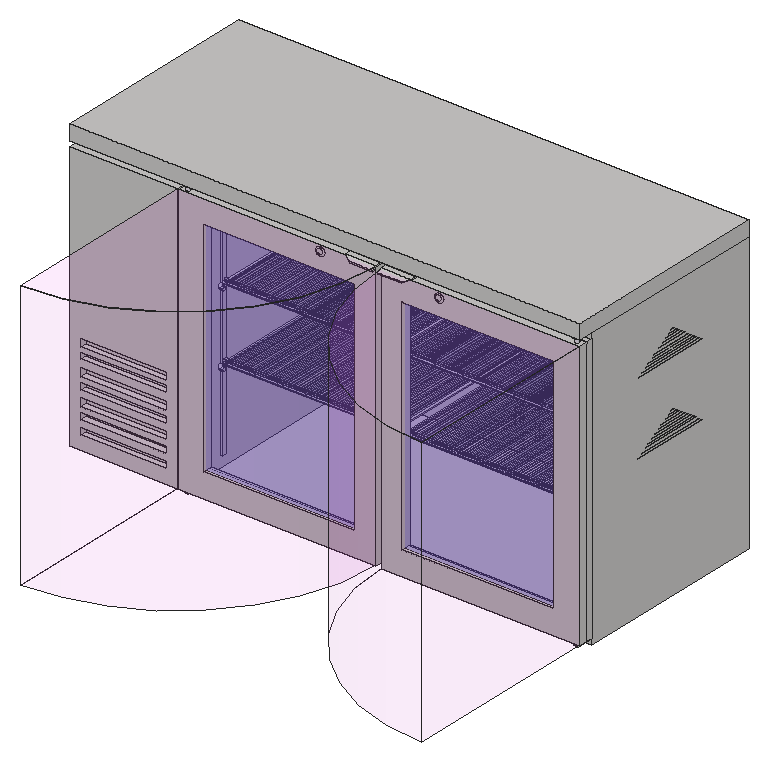
Revit family "QF_True_TBB24-60-2G-Z1-SFT-S-1_Glass_Swing_Door_Back_Bar", category Specialty Equipment, Revit 2021 (continued)
Definition of nested family "Family3"
  Definition of nested family "2 INCHES_CASTER"
    Forms (in)
      Extrusion 4, solid, visible <- "2 Inches Caster"
        from 2.74918 to 2.90825
      Extrusion 5, solid, visible <- "2 Inches Caster"
        sketch origin (1.98481, 1.43296, -1.7541) x (0, 1, 0) y (0, 0, -1)
          loop
            arc (-0.58446, -2.55082) -> (-0.59625, -2.50123) -> (-0.6121, -2.45278) r 0.61695
            arc (-0.6121, -2.45278) -> (-0.94802, -2.21237) -> (-1.29729, -2.43295) r 0.37001
            arc (-1.29729, -2.43295) -> (-1.36136, -2.62044) -> (-1.39241, -2.81612) r 1.15385
            arc (-1.39241, -2.81612) -> (-1.56115, -3.28048) -> (-1.94904, -3.58652) r 0.90292
            line (-1.94904, -3.58652) -> (-2.21294, -3.58652) -> (-2.21294, -3.71792) -> (-0.64294, -3.71792)
            arc (-0.64294, -3.71792) -> (-0.42936, -3.69906) -> (-0.22239, -3.64306) r 1.21859
            line (-0.22239, -3.64306) -> (-0.29048, -3.52526)
            arc (-0.29048, -3.52526) -> (-0.07255, -3.40259) -> (0.12713, -3.252) r 1.8753
            line (0.12713, -3.252) -> (0.05609, -3.15367)
            arc (0.05609, -3.15367) -> (-0.36134, -2.95548) -> (-0.58446, -2.55082) r 0.75313
        from 2.74918 to 2.90825
    Cuts and joins
      joined: Revolve 1, Extrusion 4, Extrusion 5
    Lines and regions (in)
      symbolic lines, visible <- "2 Inches Caster"
        curve 1: line (0.10651, 1.59133, 0) -> (0.80944, 1.1855, 0)
        curve 2: line (-0.89349, -0.14072, 0) -> (0.10651, 1.59133, 0)
        curve 3: line (-0.19056, -0.54656, 0) -> (-0.89349, -0.14072, 0)
        curve 4: line (0.80944, 1.1855, 0) -> (-0.19056, -0.54656, 0)
    Dimensions and locks (in)
      plane 4 "TOP" to level = 2"  (x2)
      aligned and locked: level to plane 1
  Definition of nested family "3 INCHES 01_CASTER"
    Parameters (values of type "3 INCHES 01_CASTER")
      Weight = ""
      URL Manufacturer = ""
      URL Cutsheet = ""
      URL = ""
      Type Mark [instance] = ""
      Specification by User [instance] = ""
      Specification by Manufacturer = ""
      Serial Number = ""
      Seismic Rating = ""
      SMACNA No = ""
      Revision Code [instance] = ""
      Omniclass Number and Title = ""
      NAFEM Spec ID Number = ""
      Model = ""
      MasterSpec. = ""
      Manufacturer = ""
      Item Number [instance] = ""
      Installed By [instance] = ""
      Identify Quantity as Lot [instance] = yes
      Furnished By [instance] = ""
      Foodservice Equipment Identifier [instance] = yes
      Description = ""
      Default Elevation = 0"
      CSI MasterFormat = ""
      CSI Master Format = ""
      Assembly Code = ""
      3 Inches Caster [instance] = yes
    Reference planes (in)
      plane 1: z = 0
      plane 2 "RIGHT": x = 0
      plane 3 "FRONT": y = 0
      plane 4 "TOP": z = 3
    Forms (in)
      Revolve 1, solid, visible <- "3 Inches Caster"
        sketch origin (-1.93794, 0.56004, -1.0041) x (1, 0, 0) y (0, 0, 1)
          loop
            line (0.74055, 2.11347) -> (0.74055, 2.03797) -> (0.79055, 1.98797) -> (0.85055, 1.98797) -> (0.85055, 1.8679) -> (1.235, 1.8679) -> (1.235, 1.7068) -> (1.36441, 1.63209) -> (1.4003, 1.41035) -> (1.34375, 1.41035) -> (1.34375, 1.28535) -> (1.375, 1.28535) -> (1.375, 1.0041) -> (2.48438, 1.0041) -> (2.48438, 1.28535) -> (2.51563, 1.28535) -> (2.51563, 1.41035) -> (2.45908, 1.41035) -> (2.49553, 1.6356) -> (2.62438, 1.70999) -> (2.62438, 1.8679) -> (3.04007, 1.8679) -> (3.04007, 1.98797) -> (3.10007, 1.98797) -> (3.15007, 2.03797) -> (3.15007, 2.11347) -> (0.74055, 2.11347)
          axis (0.74055, 2.11347) -> (3.15007, 2.11347)
        angle from 0 to 360
      Extrusion 2, solid, visible <- "3 Inches Caster"
        sketch origin (-1.93794, 1.35294, -3.2541) x (0, 1, 0) y (0, 0, 1)
          loop
            line (-0.41094, 5.86793) -> (-0.41094, 6.01276) -> (-2.29494, 6.01276) -> (-2.29494, 5.71244) -> (-1.82301, 5.71244)
            arc (-1.82301, 5.71244) -> (-1.00307, 5.59865) -> (-0.19592, 5.41488) r 9.6332
            arc (-0.19592, 5.41488) -> (0.12646, 5.29481) -> (0.42224, 5.11916) r 1.92059
            line (0.42224, 5.11916) -> (0.51314, 5.245)
            arc (0.51314, 5.245) -> (0.27353, 5.42569) -> (0.01201, 5.5729) r 2.25036
            line (0.01201, 5.5729) -> (0.09371, 5.71426)
            arc (0.09371, 5.71426) -> (-0.15272, 5.81043) -> (-0.41094, 5.86793) r 1.73151
        from 1.17357 to 2.70231
      Revolve 3, solid, visible <- "3 Inches Caster"
        sketch origin (0, 1.73858, -3.25) x (0, 1, 0) y (0, 0, 1)
          loop
            line (-1.73858, 6.25) -> (-1.73858, 6.00866) -> (-0.93293, 6.00866) -> (-0.93293, 6.25) -> (-1.73858, 6.25)
          axis (-1.73858, 6.00866) -> (-1.73858, 6.25)
        angle from 0 to 360
      Extrusion 4, solid, visible <- "3 Inches Caster"
        sketch origin (-1.98481, 1.35294, -1.7541) x (0, 1, 0) y (0, 0, 1)
          loop
            line (-2.29494, 4.51276) -> (-2.29494, 4.21244) -> (-2.2074, 4.21244)
            arc (-2.2074, 4.21244) -> (-1.58796, 3.87196) -> (-1.3103, 3.22193) r 1.0835
            arc (-1.3103, 3.22193) -> (-1.27304, 2.98711) -> (-1.19616, 2.76214) r 1.38462
            arc (-1.19616, 2.76214) -> (-0.77704, 2.49744) -> (-0.37393, 2.78593) r 0.44401
            arc (-0.37393, 2.78593) -> (-0.35491, 2.84407) -> (-0.34077, 2.90358) r 0.74034
            arc (-0.34077, 2.90358) -> (-0.07302, 3.38916) -> (0.4279, 3.62699) r 0.90376
            line (0.4279, 3.62699) -> (0.51314, 3.745)
            arc (0.51314, 3.745) -> (0.27353, 3.92569) -> (0.01201, 4.0729) r 2.25036
            line (0.01201, 4.0729) -> (0.09371, 4.21426)
            arc (0.09371, 4.21426) -> (-0.15272, 4.31043) -> (-0.41094, 4.36793) r 1.73151
            line (-0.41094, 4.36793) -> (-0.41094, 4.51276) -> (-2.29494, 4.51276)
        from 2.74918 to 2.90825
      Extrusion 5, solid, visible <- "3 Inches Caster"
        sketch origin (1.98481, 1.35294, -1.7541) x (0, 1, 0) y (0, 0, -1)
          loop
            line (-2.29494, -4.51276) -> (-0.41094, -4.51276) -> (-0.41094, -4.36793)
            arc (-0.41094, -4.36793) -> (-0.15272, -4.31043) -> (0.09371, -4.21426) r 1.73151
            line (0.09371, -4.21426) -> (0.01201, -4.0729)
            arc (0.01201, -4.0729) -> (0.27353, -3.92569) -> (0.51314, -3.745) r 2.25036
            line (0.51314, -3.745) -> (0.4279, -3.62699)
            arc (0.4279, -3.62699) -> (-0.07302, -3.38916) -> (-0.34077, -2.90358) r 0.90376
            arc (-0.34077, -2.90358) -> (-0.35491, -2.84407) -> (-0.37393, -2.78593) r 0.74034
            arc (-0.37393, -2.78593) -> (-0.77704, -2.49744) -> (-1.19616, -2.76214) r 0.44401
            arc (-1.19616, -2.76214) -> (-1.27304, -2.98711) -> (-1.3103, -3.22193) r 1.38462
            arc (-1.3103, -3.22193) -> (-1.58796, -3.87196) -> (-2.2074, -4.21244) r 1.0835
            line (-2.2074, -4.21244) -> (-2.29494, -4.21244) -> (-2.29494, -4.51276)
        from 2.74918 to 2.90825
    Cuts and joins
      joined: Extrusion 2, Extrusion 4, Extrusion 5
    Lines and regions (in)
      symbolic lines, visible <- "3 Inches Caster"
        curve 1: line (0.1877, 1.65194, 0) -> (0.89063, 1.2461, 0)
        curve 2: line (-1.00175, -0.40823, 0) -> (0.1877, 1.65194, 0)
        curve 3: line (-0.29881, -0.81407, 0) -> (-1.00175, -0.40823, 0)
        curve 4: line (0.89063, 1.2461, 0) -> (-0.29881, -0.81407, 0)
    Dimensions and locks (in)
      plane 4 "TOP" to level = 3"  (x2)
      aligned and locked: level to plane 1
  Definition of nested family "4 INCHES_CASTER"
    Parameters (values of type "4 INCHES_CASTER")
      Weight = ""
      URL Manufacturer = ""
      URL Cutsheet = ""
      URL = ""
      Type Mark [instance] = ""
      Specification by User [instance] = ""
      Specification by Manufacturer = ""
      Show 4 Inches Casters [instance] = yes
      Serial Number = ""
      Seismic Rating = ""
      SMACNA No = ""
      Revision Code [instance] = ""
      Omniclass Number and Title = ""
      NAFEM Spec ID Number = ""
      Model = ""
      MasterSpec. = ""
      Manufacturer = ""
      Item Number [instance] = ""
      Installed By [instance] = ""
      Identify Quantity as Lot [instance] = yes
      Furnished By [instance] = ""
      Foodservice Equipment Identifier [instance] = yes
      Description = ""
      Default Elevation = 0"
      CSI MasterFormat = ""
      CSI Master Format = ""
      Assembly Code = ""
    Reference planes (in)
      plane 1: z = 0
      plane 2 "RIGHT": x = 0
      plane 3 "FRONT": y = 0
      plane 4 "TOP": z = 4
    Forms (in)
      Revolve 1, solid, visible <- "Show 4 Inches Casters"
        sketch origin (-1.93794, 0.83816, -1.0041) x (1, 0, 0) y (0, 0, 1)
          loop
            line (0.74055, 2.5041) -> (3.15007, 2.5041) -> (3.15007, 2.5796) -> (3.10007, 2.6296) -> (3.04007, 2.6296) -> (3.04007, 2.74967) -> (2.62438, 2.74967) -> (2.62438, 2.93884) -> (2.48438, 3.01967) -> (2.45908, 3.17597) -> (2.51563, 3.17597) -> (2.51563, 3.41035) -> (2.48438, 3.41035) -> (2.48438, 4.0041) -> (1.375, 4.0041) -> (1.375, 3.41035) -> (1.34375, 3.41035) -> (1.34375, 3.17597) -> (1.4003, 3.17597) -> (1.37557, 3.02318) -> (1.235, 2.94202) -> (1.235, 2.74967) -> (0.85055, 2.74967) -> (0.85055, 2.6296) -> (0.79055, 2.6296) -> (0.74055, 2.5796) -> (0.74055, 2.5041)
          axis (0.74055, 2.5041) -> (3.15007, 2.5041)
        angle from 0 to 360
      Extrusion 2, solid, visible <- "Show 4 Inches Casters"
        sketch origin (-1.93794, 1.80294, -1.7541) x (0, 1, 0) y (0, 0, 1)
          loop
            line (-3.08794, 5.33423) -> (-3.08794, 5.00584) -> (-2.69466, 5.00584)
            arc (-2.69466, 5.00584) -> (-1.57175, 4.94895) -> (-0.46376, 4.75787) r 9.36411
            arc (-0.46376, 4.75787) -> (-0.05889, 4.58436) -> (0.28335, 4.30705) r 1.60049
            line (0.28335, 4.30705) -> (0.34449, 4.39437)
            arc (0.34449, 4.39437) -> (0.12713, 4.6163) -> (-0.1239, 4.79931) r 1.8753
            line (-0.1239, 4.79931) -> (-0.05749, 4.91421)
            arc (-0.05749, 4.91421) -> (-0.33807, 5.05694) -> (-0.64294, 5.13542) r 1.44292
            line (-0.64294, 5.13542) -> (-0.64294, 5.33423) -> (-3.08794, 5.33423)
        from 1.1267 to 2.74918
      Revolve 3, solid, visible <- "Show 4 Inches Casters"
        sketch origin (0, 2.15543, -2.25) x (0, 1, 0) y (0, 0, 1)
          loop
            line (-2.21793, 6.25) -> (-2.21793, 5.83014) -> (-1.05793, 5.83014) -> (-1.05793, 6.25) -> (-2.21793, 6.25)
          axis (-2.21793, 5.83014) -> (-2.21793, 6.25)
        angle from 0 to 360
      Extrusion 4, solid, visible <- "Show 4 Inches Casters"
        sketch origin (-1.93794, 1.80294, -1.7541) x (0, 1, 0) y (0, 0, 1)
          loop
            line (-3.08794, 5.33423) -> (-3.08794, 5.00584) -> (-2.8913, 5.00584)
            arc (-2.8913, 5.00584) -> (-2.09118, 4.14057) -> (-1.45681, 3.14736) r 6.63355
            arc (-1.45681, 3.14736) -> (-0.85703, 2.75969) -> (-0.4561, 3.35069) r 0.5107
            arc (-0.4561, 3.35069) -> (-0.27092, 3.92503) -> (0.24034, 4.24562) r 0.88136
            line (0.24034, 4.24562) -> (0.34449, 4.39437)
            arc (0.34449, 4.39437) -> (0.12713, 4.6163) -> (-0.1239, 4.79931) r 1.8753
            line (-0.1239, 4.79931) -> (-0.05749, 4.91421)
            arc (-0.05749, 4.91421) -> (-0.33807, 5.05694) -> (-0.64294, 5.13542) r 1.44292
            line (-0.64294, 5.13542) -> (-0.64294, 5.33423) -> (-3.08794, 5.33423)
        from 2.74918 to 2.90825
      Extrusion 5, solid, visible <- "Show 4 Inches Casters"
        sketch origin (1.93794, 1.80294, -1.7541) x (0, 1, 0) y (0, 0, -1)
          loop
            line (-3.08794, -5.33423) -> (-0.64294, -5.33423) -> (-0.64294, -5.13542)
            arc (-0.64294, -5.13542) -> (-0.33807, -5.05694) -> (-0.05749, -4.91421) r 1.44292
            line (-0.05749, -4.91421) -> (-0.1239, -4.79931)
            arc (-0.1239, -4.79931) -> (0.12713, -4.6163) -> (0.34449, -4.39437) r 1.8753
            line (0.34449, -4.39437) -> (0.24034, -4.24562)
            arc (0.24034, -4.24562) -> (-0.27092, -3.92503) -> (-0.4561, -3.35069) r 0.88136
            arc (-0.4561, -3.35069) -> (-0.85703, -2.75969) -> (-1.45681, -3.14736) r 0.5107
            arc (-1.45681, -3.14736) -> (-2.09118, -4.14057) -> (-2.8913, -5.00584) r 6.63355
            line (-2.8913, -5.00584) -> (-3.08794, -5.00584) -> (-3.08794, -5.33423)
        from 2.74918 to 2.90825
    Cuts and joins
      joined: Extrusion 2, Extrusion 4, Extrusion 5
    Lines and regions (in)
      symbolic lines, visible <- "Show 4 Inches Casters"
        curve 1: line (0.28481, 1.83041, 0) -> (1.24556, 1.27572, 0)
        curve 2: line (-1.26206, -0.84886, 0) -> (0.28481, 1.83041, 0)
        curve 3: line (-0.30132, -1.40355, 0) -> (-1.26206, -0.84886, 0)
        curve 4: line (1.24556, 1.27572, 0) -> (-0.30132, -1.40355, 0)
    Dimensions and locks (in)
      plane 4 "TOP" to level = 4"  (x2)
      aligned and locked: level to plane 1
  Definition of nested family "5 INCHES 01_CASTER 2"
    Parameters (values of type "5 INCHES 01_CASTER 2")
      Weight = ""
      URL Manufacturer = ""
      URL Cutsheet = ""
      URL = ""
      Type Mark [instance] = ""
      Specification by User [instance] = ""
      Specification by Manufacturer = ""
      Show 5" Casters [instance] = yes
      Serial Number = ""
      Seismic Rating = ""
      SMACNA No = ""
      Revision Code [instance] = ""
      Omniclass Number and Title = ""
      NAFEM Spec ID Number = ""
      Model = ""
      MasterSpec. = ""
      Manufacturer = ""
      Key Locks [instance] = yes
      Item Number [instance] = ""
      Installed By [instance] = ""
      Identify Quantity as Lot [instance] = yes
      Furnished By [instance] = ""
      Foodservice Equipment Identifier [instance] = yes
      Description = ""
      Default Elevation = 0"
      CSI MasterFormat = ""
      CSI Master Format = ""
      Assembly Code = ""
    Reference planes (in)
      plane 1: z = 0
      plane 2 "RIGHT": x = 0
      plane 3 "FRONT": y = 0
      plane 4 "TOP": z = 5
    Forms (in)
      Revolve 1, solid, visible <- "Show 5" Casters"
        sketch origin (-1.93794, 0.99859, -1.0041) x (1, 0, 0) y (0, 0, 1)
          loop
            line (0.74055, 3.0041) -> (0.74055, 2.9286) -> (0.79055, 2.8786) -> (0.85055, 2.8786) -> (0.85055, 2.75852) -> (1.235, 2.75852) -> (1.235, 2.56618) -> (1.37557, 2.48502) -> (1.49133, 1.76972) -> (1.34375, 1.76972) -> (1.34375, 1.53535) -> (1.375, 1.53535) -> (1.375, 1.0041) -> (2.48438, 1.0041) -> (2.48438, 1.53535) -> (2.51563, 1.53535) -> (2.51563, 1.76972) -> (2.36805, 1.76972) -> (2.48438, 2.48853) -> (2.62438, 2.56936) -> (2.62438, 2.75852) -> (3.04007, 2.75852) -> (3.04007, 2.8786) -> (3.10007, 2.8786) -> (3.15007, 2.9286) -> (3.15007, 3.0041) -> (0.74055, 3.0041)
          axis (0.74055, 3.0041) -> (3.15007, 3.0041)
        angle from 0 to 360
      Extrusion 2, solid, visible <- "Show 5" Casters"
        sketch origin (-1.93794, 1.96337, -0.7541) x (0, 1, 0) y (0, 0, 1)
          loop
            line (-3.37739, 5.33423) -> (-3.37739, 4.92712) -> (-2.49294, 4.92712)
            arc (-2.49294, 4.92712) -> (-1.47209, 4.91752) -> (-0.46376, 4.75787) r 6.92153
            arc (-0.46376, 4.75787) -> (0.14199, 4.53396) -> (0.67481, 4.16904) r 2.62713
            line (0.67481, 4.16904) -> (0.7876, 4.33012)
            arc (0.7876, 4.33012) -> (0.48098, 4.5674) -> (0.13288, 4.73811) r 1.91675
            line (0.13288, 4.73811) -> (0.21197, 4.87494)
            arc (0.21197, 4.87494) -> (-0.1576, 5.02102) -> (-0.54934, 5.08775) r 1.91675
            line (-0.54934, 5.08775) -> (-0.54934, 5.33423) -> (-3.37739, 5.33423)
        from 1.17357 to 2.70231
      Revolve 3, solid, visible <- "Show 5" Casters"
        sketch origin (0, 2.15543, -1.25) x (0, 1, 0) y (0, 0, 1)
          loop
            line (-2.21793, 6.25) -> (-2.21793, 5.83014) -> (-1.05793, 5.83014) -> (-1.05793, 6.25) -> (-2.21793, 6.25)
          axis (-2.21793, 5.83014) -> (-2.21793, 6.25)
        angle from 0 to 360
      Extrusion 4, solid, visible <- "Show 5" Casters"
        sketch origin (-1.98481, 1.96337, -0.7541) x (0, 1, 0) y (0, 0, 1)
          loop
            line (-3.37739, 5.33423) -> (-3.37739, 4.92712) -> (-3.13361, 4.92712)
            arc (-3.13361, 4.92712) -> (-2.12623, 3.92533) -> (-1.55834, 2.62307) r 3.79122
            arc (-1.55834, 2.62307) -> (-0.81477, 2.14247) -> (-0.31772, 2.87515) r 0.63314
            arc (-0.31772, 2.87515) -> (-0.02244, 3.67728) -> (0.68637, 4.15498) r 1.39003
            line (0.68637, 4.15498) -> (0.7876, 4.33012)
            arc (0.7876, 4.33012) -> (0.48098, 4.5674) -> (0.13288, 4.73811) r 1.91675
            line (0.13288, 4.73811) -> (0.21197, 4.87494)
            arc (0.21197, 4.87494) -> (-0.1576, 5.02102) -> (-0.54934, 5.08775) r 1.91675
            line (-0.54934, 5.08775) -> (-0.54934, 5.33423) -> (-3.37739, 5.33423)
        from 2.74918 to 2.90825
      Extrusion 5, solid, visible <- "Show 5" Casters"
        sketch origin (1.98481, 1.96337, -0.7541) x (0, 1, 0) y (0, 0, -1)
          loop
            line (-3.37739, -5.33423) -> (-0.54934, -5.33423) -> (-0.54934, -5.08775)
            arc (-0.54934, -5.08775) -> (-0.1576, -5.02102) -> (0.21197, -4.87494) r 1.91675
            line (0.21197, -4.87494) -> (0.13288, -4.73811)
            arc (0.13288, -4.73811) -> (0.48098, -4.5674) -> (0.7876, -4.33012) r 1.91675
            line (0.7876, -4.33012) -> (0.68637, -4.15498)
            arc (0.68637, -4.15498) -> (-0.02244, -3.67728) -> (-0.31772, -2.87515) r 1.39003
            arc (-0.31772, -2.87515) -> (-0.81477, -2.14247) -> (-1.55834, -2.62307) r 0.63314
            arc (-1.55834, -2.62307) -> (-2.12623, -3.92533) -> (-3.13361, -4.92712) r 3.79122
            line (-3.13361, -4.92712) -> (-3.37739, -4.92712) -> (-3.37739, -5.33423)
        from 2.74918 to 2.90825
      Extrusion 6, solid, visible <- "Key Locks"
        sketch origin (-0.96875, 2.04726, -0.57589) x (0, 1, 0) y (0, 0, -1)
          loop
            line (-2.58496, -2.03961) -> (-1.89213, -2.43961) -> (-1.53273, -2.64711)
            arc (-1.53273, -2.64711) -> (-1.45411, -2.76529) -> (-1.38688, -2.89031) r 1.51617
            arc (-1.38688, -2.89031) -> (-1.13602, -3.13035) -> (-0.79652, -3.20306) r 0.63657
            arc (-0.79652, -3.20306) -> (-0.67098, -3.20163) -> (-0.54633, -3.21661) r 0.9589
            line (-0.54633, -3.21661) -> (0.23309, -3.66661) -> (0.42979, -3.32592)
            arc (0.42979, -3.32592) -> (0.46473, -3.10362) -> (0.3415, -2.91533) r 0.313
            line (0.3415, -2.91533) -> (0.21087, -3.04595)
            arc (0.21087, -3.04595) -> (0.24081, -3.14321) -> (0.14284, -3.17074) r 0.07109
            line (0.14284, -3.17074) -> (-0.52795, -2.78336)
            arc (-0.52795, -2.78336) -> (-0.62217, -2.51108) -> (-0.36609, -2.37904) r 0.22
            arc (-0.36609, -2.37904) -> (-0.3435, -2.357) -> (-0.33862, -2.32583) r 0.05
            arc (-0.33862, -2.32583) -> (-0.50047, -2.10967) -> (-0.75504, -2.01961) r 0.46592
            line (-0.75504, -2.01961) -> (-1.49574, -2.01961)
            arc (-1.49574, -2.01961) -> (-1.57675, -2.00894) -> (-1.65224, -1.97767) r 0.313
            line (-1.65224, -1.97767) -> (-2.05389, -1.74578)
            arc (-2.05389, -1.74578) -> (-2.2914, -1.71451) -> (-2.48146, -1.86034) r 0.313
            line (-2.48146, -1.86034) -> (-2.58496, -2.03961)
        from 0 to 0.0625
      Extrusion 7, solid, visible <- "Key Locks"
        sketch origin (-0.96875, 2.04726, -0.57589) x (0, 1, 0) y (0, 0, -1)
          loop
            line (-0.45692, -2.6604) -> (0.47061, -3.19578)
            arc (0.47061, -3.19578) -> (0.44304, -3.03852) -> (0.3415, -2.91533) r 0.313
            line (0.3415, -2.91533) -> (-0.36656, -2.53415)
            arc (-0.36656, -2.53415) -> (-0.48136, -2.54745) -> (-0.45692, -2.6604) r 0.078
        from 0 to 0.5
      Extrusion 8, solid, visible <- "Key Locks"
        sketch origin (0.96875, 2.04726, -0.57589) x (0, 1, 0) y (0, 0, 1)
          loop
            line (-2.58496, 2.03961) -> (-2.48146, 1.86034)
            arc (-2.48146, 1.86034) -> (-2.2914, 1.71451) -> (-2.05389, 1.74578) r 0.313
            line (-2.05389, 1.74578) -> (-1.65224, 1.97767)
            arc (-1.65224, 1.97767) -> (-1.57675, 2.00894) -> (-1.49574, 2.01961) r 0.313
            line (-1.49574, 2.01961) -> (-0.75504, 2.01961)
            arc (-0.75504, 2.01961) -> (-0.50047, 2.10967) -> (-0.33862, 2.32583) r 0.46592
            arc (-0.33862, 2.32583) -> (-0.3435, 2.357) -> (-0.36609, 2.37904) r 0.05
            arc (-0.36609, 2.37904) -> (-0.62217, 2.51108) -> (-0.52795, 2.78336) r 0.22
            line (-0.52795, 2.78336) -> (0.14284, 3.17074)
            arc (0.14284, 3.17074) -> (0.24081, 3.14321) -> (0.21087, 3.04595) r 0.07109
            line (0.21087, 3.04595) -> (0.3415, 2.91533)
            arc (0.3415, 2.91533) -> (0.46473, 3.10362) -> (0.42979, 3.32592) r 0.313
            line (0.42979, 3.32592) -> (0.23309, 3.66661) -> (-0.54633, 3.21661)
            arc (-0.54633, 3.21661) -> (-0.67098, 3.20163) -> (-0.79652, 3.20306) r 0.9589
            arc (-0.79652, 3.20306) -> (-1.13602, 3.13035) -> (-1.38688, 2.89031) r 0.63657
            arc (-1.38688, 2.89031) -> (-1.45411, 2.76529) -> (-1.53273, 2.64711) r 1.51617
            line (-1.53273, 2.64711) -> (-1.89213, 2.43961) -> (-2.58496, 2.03961)
        from 0 to 0.0625
      Extrusion 9, solid, visible <- "Key Locks"
        sketch origin (0.96875, 2.04726, -0.57589) x (0, 1, 0) y (0, 0, 1)
          loop
            arc (-0.45692, 2.6604) -> (-0.48136, 2.54745) -> (-0.36656, 2.53415) r 0.078
            line (-0.36656, 2.53415) -> (0.3415, 2.91533)
            arc (0.3415, 2.91533) -> (0.44304, 3.03852) -> (0.47061, 3.19578) r 0.313
            line (0.47061, 3.19578) -> (-0.45692, 2.6604)
        from 0 to 0.5
    Cuts and joins
      joined: Extrusion 2, Extrusion 4, Extrusion 5
    Lines and regions (in)
      symbolic lines, visible <- "Show 5" Casters"
        curve 1: line (0.54262, 2.21348, 0) -> (1.50337, 1.65879, 0)
        curve 2: line (-1.45738, -1.25062, 0) -> (-0.70738, 0.04842, 0)
        curve 3: line (-0.49663, -1.80531, 0) -> (-1.45738, -1.25062, 0)
        curve 4: line (1.50337, 1.65879, 0) -> (0.75337, 0.35975, 0)
        curve 5: line (-0.20738, 0.91444, 0) -> (0.54262, 2.21348, 0)
        curve 6: line (0.25337, -0.50627, 0) -> (-0.49663, -1.80531, 0)
    Dimensions and locks (in)
      plane 4 "TOP" to level = 5"  (x2)
      aligned and locked: level to plane 1
  Definition of nested family "6 INCHES LEGS"
    Parameters (values of type "6 INCHES LEGS")
      Weight = ""
      URL Manufacturer = ""
      URL Cutsheet = ""
      URL = ""
      Type Mark [instance] = ""
      Status [instance] = ""
      Specification by User [instance] = ""
      Specification by Manufacturer = ""
      Show 6" Legs [instance] = yes
      Show Seismic Flanged [instance] = yes
      Serial Number = ""
      Seismic Rating = ""
      SMACNA No = ""
      Revision Code [instance] = ""
      Omniclass Number and Title = ""
      NAFEM Spec ID Number = ""
      Model = ""
      MasterSpec. = ""
      Manufacturer = ""
      Item Number [instance] = ""
      Installed By [instance] = ""
      Identify Quantity as Lot [instance] = yes
      Furnished By [instance] = ""
      Foodservice Equipment Identifier [instance] = yes
      Description = ""
      Default Elevation = 0"
      CSI MasterFormat = ""
      CSI Master Format = ""
      Assembly Code = ""
    Reference planes (in)
      plane 1: z = 0
      plane 2 "RIGHT": x = 0
      plane 3 "FRONT": y = 0
      plane 4 "TOP": z = 6
    Forms (in)
      Revolve 1, solid, visible <- "Show 6" Legs"
        sketch origin (11.12172, 0, 0) x (-1, 0, 0) y (0, 0, -1)
          loop
            line (11.12172, -6) -> (11.12172, 0) -> (10.62172, 0) -> (10.62172, -1.30261) -> (10.37172, -1.30261) -> (10.37172, -6) -> (11.12172, -6)
          axis (11.12172, 0) -> (11.12172, -6)
        angle from 0 to 360
      Extrusion 2, solid, visible <- "Show Seismic Flanged"
        sketch origin (0, 0, 0) x (1, 0, 0) y (0, 1, 0)
          loop
            circle (0, 0) r 1
        from 0 to 0.03125
    Dimensions and locks (in)
      plane 4 "TOP" to level = 6"  (x2)
      locked: Revolve 1 sketch curve to Revolve 1 sketch curve at 1.30261
      locked: Revolve 1 sketch curve to Revolve 1 sketch curve at 0.75
      aligned and locked: level to plane 1
  Definition of nested family "6 INCHES LEGS WITH FLANGED"
    Parameters (values of type "6 INCHES LEGS WITH FLANGED")
      Weight = ""
      URL Manufacturer = ""
      URL Cutsheet = ""
      URL = ""
      Type Mark [instance] = ""
      Status [instance] = ""
      Specification by User [instance] = ""
      Specification by Manufacturer = ""
      Show 6" Seismic Flanged [instance] = yes
      Serial Number = ""
      Seismic Rating = ""
      SMACNA No = ""
      Revision Code [instance] = ""
      Omniclass Number and Title = ""
      NAFEM Spec ID Number = ""
      Model = ""
      MasterSpec. = ""
      Manufacturer = ""
      Item Number [instance] = ""
      Installed By [instance] = ""
      Identify Quantity as Lot [instance] = yes
      Furnished By [instance] = ""
      Foodservice Equipment Identifier [instance] = yes
      Description = ""
      Default Elevation = 0"
      CSI MasterFormat = ""
      CSI Master Format = ""
      Assembly Code = ""
    Reference planes (in)
      plane 1: z = 0
      plane 2 "RIGHT": x = 0
      plane 3 "FRONT": y = 0
      plane 4 "TOP": z = 6
    Forms (in)
      Revolve 1, solid, visible <- "Show 6" Seismic Flanged"
        sketch origin (11.12172, 0, 0) x (-1, 0, 0) y (0, 0, -1)
          loop
            line (11.12172, -6) -> (11.12172, 0) -> (10.62172, 0) -> (10.62172, -1.30261) -> (10.37172, -1.30261) -> (10.37172, -6) -> (11.12172, -6)
          axis (11.12172, 0) -> (11.12172, -6)
        angle from 0 to 360
      Extrusion 2, solid, visible <- "Show 6" Seismic Flanged"
        sketch origin (0, 0, 0) x (1, 0, 0) y (0, 1, 0)
          loop
            circle (0, 0) r 1
        from 0 to 0.03125
    Dimensions and locks (in)
      plane 4 "TOP" to level = 6"  (x2)
      locked: Revolve 1 sketch curve to Revolve 1 sketch curve at 1.30261
      locked: Revolve 1 sketch curve to Revolve 1 sketch curve at 0.75
      aligned and locked: level to plane 1
